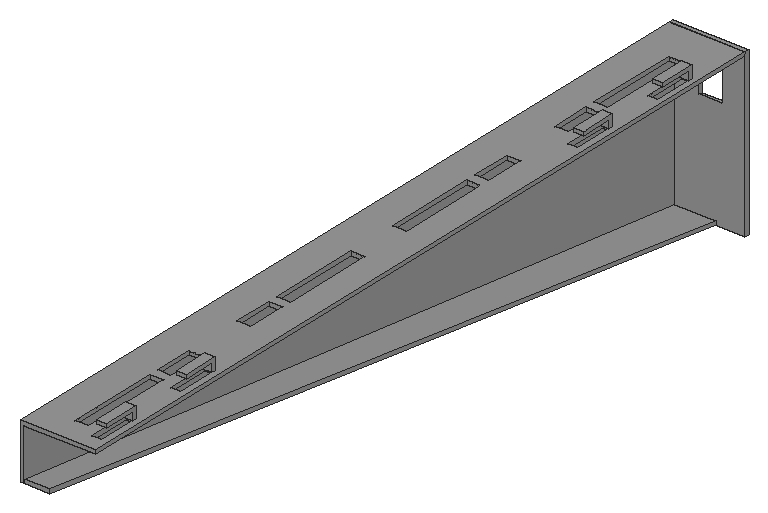
Revit family "MWAG 12 41 A4", category Generic Models, Revit 2017
Family settings
  Can host rebar = No
  Round Connector Dimension = Use Diameter
  Part Type = Normal
  Work Plane-Based = No
  Always vertical = Yes
  Cut with Voids When Loaded = No
  Shared = No
  Room Calculation Point = No
Parameters (values of type "MWAG 12 41 A4")
  URL = "http://www.obo-bettermann.com"
  Material = Edelstahl, rostfrei 1.4571 [31175]
  Manufacturer Art.No. = "6424416"
  Manufacturer = "OBO BETTERMANN"
  GTIN = ""
  Cut's number = 2
  Article Type = "MWAG 12 41 A4"
Reference planes
  plane 1 "Center (Front/Back)": y = 0
  plane 2: z = 0
  plane 3 "Center (Left/Right)": x = 0
  plane 4: y = -1.9
  plane 5: y = -410.8
  plane 6: z = 55.5
  plane 7: x = 15
  plane 8: x = 23.3
  plane 9: z = 76.9
  plane 10: x = 20.5
  plane 11: y = -397.8
  plane 12: x = 20.5
  plane 13: y = -345.774
  plane 14: y = -295.774
  plane 15: y = -270.774
  plane 16: y = -210.774
  plane 17: y = -210.774
  plane 18: y = -23.747
  plane 19: x = 20.5
  plane 20: y = -75.774
  plane 21: y = -125.774
  plane 22: y = -150.774
  plane 23: y = -210.774
  plane 24: y = -383.8
  plane 25: x = 32.5
  plane 26: x = 30
  plane 27: x = 35
  plane 28: y = -333.8
  plane 29: y = -83.8
  plane 30: y = -33.8
Forms (mm)
  Extrusion 1, solid, material "Edelstahl, rostfrei 1.4571 [31175]" <- "Material"
    sketch origin (0, 0, 0) x (1, 0, 0) y (0, 0, 1)
      loop
        line (0, 0) -> (38, 0) -> (38, 83.4) -> (0, 83.4) -> (0, 0)
    from 0 to 1.9
  Extrusion 2, solid, material "Edelstahl, rostfrei 1.4571 [31175]"
    sketch origin (0, 0, 0) x (1, 0, 0) y (0, 0, 1)
      loop
        line (0, 83.4) -> (0, 0) -> (1.9, 0) -> (1.9, 81.5) -> (38, 81.5) -> (38, 83.4) -> (0, 83.4)
    from 1.9 to 410.8
  Extrusion 3, void
    sketch origin (0, 0, 0) x (0, 1, 0) y (0, 0, 1)
      loop
        line (-410.8, 0) -> (-1.9, 0) -> (-410.8, 55.5) -> (-410.8, 0)
    from 0 to 1.9
  Extrusion 4, solid, material "Edelstahl, rostfrei 1.4571 [31175]" <- "Material"
    sketch origin (0, 0, 0) x (0, 1, 0) y (0, 0, 1)
      loop
        line (-1.9, 0) -> (-1.9, 1.917) -> (-410.8, 57.417) -> (-410.8, 55.5) -> (-1.9, 0)
    from 1.9 to 38
  Extrusion 5, void
    sketch origin (0, 0, 0) x (1, 0, 0) y (0, 1, 0)
      loop
        line (23.3, -1.9) -> (15, -410.8) -> (38, -410.8) -> (38, -1.9) -> (23.3, -1.9)
    from 0 to 58.447
  Extrusion 6, void
    sketch origin (0, 0, 0) x (1, 0, 0) y (0, 0, 1)
      loop
        line (14.5, 76.9) -> (14.5, 55.9) -> (26.5, 55.9) -> (26.5, 76.9) -> (14.5, 76.9)
    from 0 to 1.9
  Extrusion 7, void
    sketch origin (0, 0, 0) x (1, 0, 0) y (0, 1, 0)
      loop
        line (17, -397.8) -> (24, -397.8) -> (24, -350.774) -> (17, -350.774) -> (17, -397.8)
      loop
        line (24, -345.774) -> (24, -325.774) -> (17, -325.774) -> (17, -345.774) -> (24, -345.774)
      loop
        line (24, -295.774) -> (24, -275.774) -> (17, -275.774) -> (17, -295.774) -> (24, -295.774)
      loop
        line (24, -270.774) -> (24, -223.774) -> (17, -223.774) -> (17, -270.774) -> (24, -270.774)
    from 81.5 to 83.4
  Extrusion 8, void
    sketch origin (0, -421.547, 0) x (1, 0, 0) y (0, 1, 0)
      loop
        line (17, 397.8) -> (17, 350.774) -> (24, 350.774) -> (24, 397.8) -> (17, 397.8)
      loop
        line (24, 345.774) -> (17, 345.774) -> (17, 325.774) -> (24, 325.774) -> (24, 345.774)
      loop
        line (24, 295.774) -> (17, 295.774) -> (17, 275.774) -> (24, 275.774) -> (24, 295.774)
      loop
        line (24, 270.774) -> (17, 270.774) -> (17, 223.774) -> (24, 223.774) -> (24, 270.774)
    from 81.5 to 83.4
  Extrusion 9, solid, material "Edelstahl, rostfrei 1.4571 [31175]" <- "Material"
    sketch origin (0, 0, 0) x (0, 1, 0) y (0, 0, 1)
      loop
        line (-383.8, 83.4) -> (-381.9, 83.4) -> (-381.9, 89.422) -> (-400, 89.422) -> (-400, 87.522) -> (-383.8, 87.522) -> (-383.8, 83.4)
    from 30 to 35
  Extrusion 10, solid, material "Edelstahl, rostfrei 1.4571 [31175]" <- "Material"
    sketch origin (0, 50, 0) x (0, 1, 0) y (0, 0, 1)
      loop
        line (-383.8, 83.4) -> (-381.9, 83.4) -> (-381.9, 89.422) -> (-400, 89.422) -> (-400, 87.522) -> (-383.8, 87.522) -> (-383.8, 83.4)
    from 30 to 35
  Extrusion 11, solid, material "Edelstahl, rostfrei 1.4571 [31175]" <- "Material"
    sketch origin (0, 300, 0) x (0, 1, 0) y (0, 0, 1)
      loop
        line (-383.8, 83.4) -> (-381.9, 83.4) -> (-381.9, 89.422) -> (-400, 89.422) -> (-400, 87.522) -> (-383.8, 87.522) -> (-383.8, 83.4)
    from 30 to 35
  Extrusion 12, solid, material "Edelstahl, rostfrei 1.4571 [31175]" <- "Material"
    sketch origin (0, 350, 0) x (0, 1, 0) y (0, 0, 1)
      loop
        line (-383.8, 83.4) -> (-381.9, 83.4) -> (-381.9, 89.422) -> (-400, 89.422) -> (-400, 87.522) -> (-383.8, 87.522) -> (-383.8, 83.4)
    from 30 to 35
  Extrusion 13, void
    sketch origin (0, 0, 0) x (1, 0, 0) y (0, 1, 0)
      loop
        line (30, -381.9) -> (30, -403.5) -> (35, -403.5) -> (35, -381.9) -> (30, -381.9)
    from 81.5 to 83.4
  Extrusion 14, void
    sketch origin (0, 50, 0) x (1, 0, 0) y (0, 1, 0)
      loop
        line (30, -381.9) -> (30, -403.5) -> (35, -403.5) -> (35, -381.9) -> (30, -381.9)
    from 81.5 to 83.4
  Extrusion 15, void
    sketch origin (0, 300, 0) x (1, 0, 0) y (0, 1, 0)
      loop
        line (30, -381.9) -> (30, -403.5) -> (35, -403.5) -> (35, -381.9) -> (30, -381.9)
    from 81.5 to 83.4
  Extrusion 16, void
    sketch origin (0, 350, 0) x (1, 0, 0) y (0, 1, 0)
      loop
        line (30, -381.9) -> (30, -403.5) -> (35, -403.5) -> (35, -381.9) -> (30, -381.9)
    from 81.5 to 83.4
Cuts and joins
  Extrusion 3, Extrusion 5, Extrusion 7, Extrusion 8, Extrusion 13, Extrusion 14, Extrusion 15, Extrusion 16 cuts Extrusion 2
  Extrusion 5, Extrusion 6 cuts Extrusion 1
  Extrusion 5, Extrusion 7 cuts Extrusion 4
  Extrusion 13, Extrusion 14 cuts Extrusion 9
  Extrusion 15 cuts Extrusion 10
  Extrusion 16 cuts Extrusion 11
Dimensions and locks
  locked: Extrusion 1 sketch curve to Extrusion 1 sketch curve at 83.4
  locked: Extrusion 1 sketch curve to Extrusion 1 sketch curve at 38
  locked: Extrusion 1 to Extrusion 2 sketch curve at 1.9  (x2)
  locked: plane 1 "Center (Front/Back)" to plane 5 at 410.8
  locked: Extrusion 2 to plane 6 at 27.9
  locked: Extrusion 4 sketch curve to cut or joined group 1 (Extrusion 2, Extrusion 3, Extrusion 5, Extrusion 7, Extrusion 8, Extrusion 13, Extrusion 14, Extrusion 15, Extrusion 16) at 1.9
  locked: cut or joined group 1 to plane 7 at 15
  locked: cut or joined group 1 to plane 8 at 23.3
  locked: cut or joined group 1 to plane 9 at 6.5
  locked: cut or joined group of Extrusion 1, Extrusion 5, Extrusion 6 to plane 10 at 17.5
  locked: Extrusion 6 sketch curve to Extrusion 6 sketch curve at 12
  locked: plane 10 to Extrusion 6 sketch curve at 6
  locked: Extrusion 6 sketch curve to Extrusion 6 sketch curve at 21
  locked: plane 12 to cut or joined group 1 at 17.5
  locked: plane 12 to Extrusion 7 sketch curve at 3.5
  locked: Extrusion 7 sketch curve to Extrusion 7 sketch curve at 20  (x2)
  locked: Extrusion 7 sketch curve to Extrusion 7 sketch curve at 7  (x2)
  locked: plane 14 to Extrusion 7 sketch curve at 30
  locked: Extrusion 7 sketch curve to Extrusion 7 sketch curve at 5
  locked: Extrusion 7 sketch curve to Extrusion 7 sketch curve at 47
  locked: Extrusion 7 sketch curve to plane 16 at 13
  locked: plane 17 to cut or joined group 1 at 13
  locked: plane 19 to Extrusion 8 sketch curve at 3.5
  locked: Extrusion 8 sketch curve to Extrusion 8 sketch curve at 20  (x2)
  locked: Extrusion 8 sketch curve to Extrusion 8 sketch curve at 7  (x2)
  locked: plane 21 to Extrusion 8 sketch curve at 30
  locked: Extrusion 8 sketch curve to Extrusion 8 sketch curve at 5
  locked: Extrusion 8 sketch curve to Extrusion 8 sketch curve at 47
  locked: Extrusion 8 sketch curve to plane 23 at 13
  locked: Extrusion 9 sketch curve to Extrusion 9 sketch curve at 18.1
  locked: plane 25 to cut or joined group 1 at 5.5
  locked: Extrusion 9 to Extrusion 9 at 5
  locked: Extrusion 9 to plane 25 at 2.5
  locked: Extrusion 10 sketch curve to Extrusion 10 sketch curve at 18.1
  locked: Extrusion 10 to Extrusion 10 at 5
  locked: Extrusion 11 sketch curve to Extrusion 11 sketch curve at 18.1
  locked: Extrusion 11 to Extrusion 11 at 5
  locked: Extrusion 12 sketch curve to Extrusion 12 sketch curve at 18.1
  locked: Extrusion 12 to Extrusion 12 at 5
  Extrusion 9 to Extrusion 9 = 5 mm
  aligned and locked: level to plane 2
  aligned and locked: Extrusion 1 to plane 4
  aligned and locked: Extrusion 1 to Extrusion 2
  aligned and locked: Extrusion 2 to level
  aligned and locked: Extrusion 2 to Extrusion 1
  aligned and locked: plane 5 to Extrusion 2
  aligned and locked: Extrusion 3 to plane 3 "Center (Left/Right)"
  aligned and locked: Extrusion 3 to Extrusion 2
  aligned and locked: plane 5 to Extrusion 4
  aligned and locked: Extrusion 4 to Extrusion 1
  aligned and locked: Extrusion 4 to cut or joined group 1
  aligned and locked: Extrusion 6 to plane 1 "Center (Front/Back)"
  aligned and locked: Extrusion 1 to Extrusion 6
  aligned and locked: Extrusion 2 to Extrusion 7  (x2)
  aligned and locked: Extrusion 9 to cut or joined group 1
  aligned and locked: Extrusion 9 to plane 26
  aligned and locked: Extrusion 9 to plane 27
  aligned and locked: Extrusion 2 to Extrusion 13  (x2)
